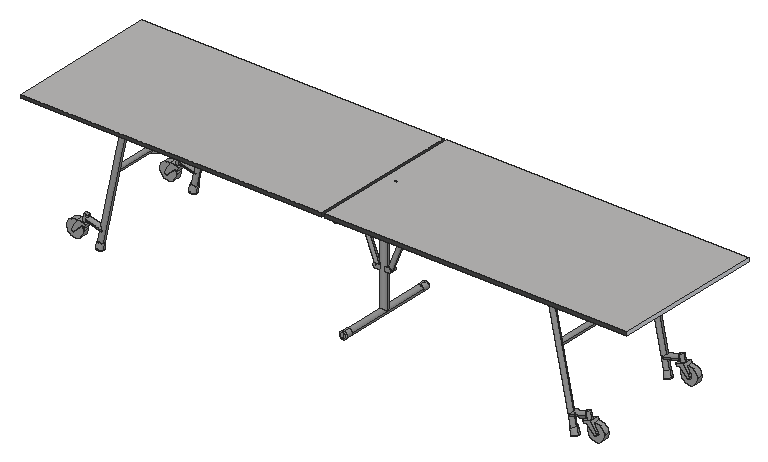
Revit family "23M Rect. 12 Long x 29 High", category Furniture, Revit 2016 (continued)
Automatic sketch dimensions
  Extrusion 54 sketch curve to Extrusion 54 sketch curve = 0' - 0.70096"
  Extrusion 55 sketch curve to plane 1 "Center Front/Back" = 1' - 1.83838"
  Extrusion 56 sketch curve to plane 1 "Center Front/Back" = 1' - 1.83838"
  Extrusion 57 sketch curve to plane 1 "Center Front/Back" = 1' - 1.83838"
  level to Extrusion 58 sketch curve = 0' - 2.60323"
  plane 3 "Center Left/Right" to Extrusion 58 sketch curve = 5' - 2.22836"
  level to Extrusion 58 sketch curve = 0' - 3.19045"
  Extrusion 58 sketch curve to Extrusion 58 sketch curve = 0' - 0.0982"
  level to Extrusion 58 sketch curve = 0' - 2.37748"
  Extrusion 58 sketch curve to Extrusion 58 sketch curve = 0' - 0.1639"
  Extrusion 58 sketch curve to Extrusion 58 sketch curve = 0' - 0.19297"
  level to Extrusion 58 sketch curve = 0' - 2.3319"
  Extrusion 58 sketch curve to Extrusion 58 sketch curve = 0' - 0.30329"
  level to Extrusion 58 sketch curve = 0' - 5.18826"
  Extrusion 58 sketch curve to Extrusion 58 sketch curve = 0' - 1.14473"
  level to Extrusion 58 sketch curve = 0' - 4.11073"
  Extrusion 58 sketch curve to Extrusion 58 sketch curve = 0' - 1.13066"
  level to Extrusion 58 sketch curve = 0' - 4.04579"
  Extrusion 58 sketch curve to Extrusion 58 sketch curve = 0' - 0.72713"
  level to Extrusion 58 sketch curve = 0' - 4.64752"
  level to Extrusion 59 sketch curve = 0' - 2.82768"
  plane 3 "Center Left/Right" to Extrusion 59 sketch curve = 5' - 1.83495"
  level to Revolve 60 sketch curve = 0' - 0.6058"
  plane 3 "Center Left/Right" to Revolve 60 sketch curve = 4' - 9.26502"
  level to Revolve 60 sketch curve = 0' - 0.39606"
  Revolve 60 sketch curve to Revolve 60 sketch curve = 0' - 0.08686"
  Revolve 60 sketch curve to Revolve 60 sketch curve = 0' - 0.15789"
  level to Revolve 60 sketch curve = 0' - 2.01534"
  Revolve 60 sketch curve to Revolve 60 sketch curve = 0' - 0.51303"
  level to Revolve 60 sketch curve = 0' - 0.23281"  (x2)
  Revolve 60 sketch curve to Revolve 60 sketch curve = 0' - 0.69699"
  Revolve 60 sketch curve to Revolve 60 sketch curve = 0' - 0"  (x2)
  level to Revolve 60 sketch curve = 0' - 1.86876"
  plane 1 "Center Front/Back" to Extrusion 61 sketch curve = 1' - 1.83838"
  plane 1 "Center Front/Back" to Extrusion 62 sketch curve = 1' - 1.83838"
  plane 1 "Center Front/Back" to Extrusion 63 sketch curve = 1' - 1.83838"
  level to Extrusion 64 sketch curve = 0' - 2.60323"
  plane 3 "Center Left/Right" to Extrusion 64 sketch curve = 5' - 2.22836"
  level to Extrusion 64 sketch curve = 0' - 3.19045"
  Extrusion 64 sketch curve to Extrusion 64 sketch curve = 0' - 0.0982"
  level to Extrusion 64 sketch curve = 0' - 2.37748"
  Extrusion 64 sketch curve to Extrusion 64 sketch curve = 0' - 0.1639"
  Extrusion 64 sketch curve to Extrusion 64 sketch curve = 0' - 0.19297"
  level to Extrusion 64 sketch curve = 0' - 2.3319"
  Extrusion 64 sketch curve to Extrusion 64 sketch curve = 0' - 0.30329"
  level to Extrusion 64 sketch curve = 0' - 5.18826"
  Extrusion 64 sketch curve to Extrusion 64 sketch curve = 0' - 1.14473"
  level to Extrusion 64 sketch curve = 0' - 4.11073"
  Extrusion 64 sketch curve to Extrusion 64 sketch curve = 0' - 1.13066"
  level to Extrusion 64 sketch curve = 0' - 4.04579"
  Extrusion 64 sketch curve to Extrusion 64 sketch curve = 0' - 0.72713"
  level to Extrusion 64 sketch curve = 0' - 4.64752"
  level to Extrusion 65 sketch curve = 0' - 2.82768"
  plane 3 "Center Left/Right" to Extrusion 65 sketch curve = 5' - 1.83495"
  level to Revolve 66 sketch curve = 0' - 0.6058"
  plane 3 "Center Left/Right" to Revolve 66 sketch curve = 4' - 9.26502"
  level to Revolve 66 sketch curve = 0' - 0.39606"
  Revolve 66 sketch curve to Revolve 66 sketch curve = 0' - 0.08686"
  Revolve 66 sketch curve to Revolve 66 sketch curve = 0' - 0.15789"
  level to Revolve 66 sketch curve = 0' - 2.01534"
  Revolve 66 sketch curve to Revolve 66 sketch curve = 0' - 0.51303"
  level to Revolve 66 sketch curve = 0' - 0.23281"  (x2)
  Revolve 66 sketch curve to Revolve 66 sketch curve = 0' - 0.69699"
  Revolve 66 sketch curve to Revolve 66 sketch curve = 0' - 0"  (x2)
  level to Revolve 66 sketch curve = 0' - 1.86876"
  level to Extrusion 67 sketch curve = 1' - 6.28283"
  plane 3 "Center Left/Right" to Extrusion 67 sketch curve = 4' - 4.57779"
  plane 1 "Center Front/Back" to Extrusion 68 sketch curve = 0' - 0"
  level to Extrusion 69 sketch curve = 1' - 6.8588"
  plane 3 "Center Left/Right" to Extrusion 69 sketch curve = 4' - 4.33514"
  level to Extrusion 69 sketch curve = 1' - 5.89155"
  Extrusion 69 sketch curve to Extrusion 69 sketch curve = 0' - 0.25918"
  level to Extrusion 69 sketch curve = 1' - 7.46174"
  Extrusion 69 sketch curve to Extrusion 69 sketch curve = 0' - 1.85497"
  Extrusion 69 sketch curve to Extrusion 69 sketch curve = 0' - 0.15456"  (x2)
  level to Extrusion 69 sketch curve = 1' - 6.51072"
  plane 3 "Center Left/Right" to Sweep 70 sketch curve = 2' - 6.18266"
  Sweep 70 sketch curve to Sweep 70 sketch curve = 0' - 0.48904"
  Sweep 70 sketch curve to Sweep 70 sketch curve = 0' - 0.28353"
  level to Sweep 70 sketch curve = 1' - 9.41399"
  Sweep 70 sketch curve to Sweep 70 sketch curve = 0' - 2.89882"
  level to Sweep 70 sketch curve = 1' - 6.77605"
  Sweep 70 sketch curve to Sweep 70 sketch curve = 1' - 8.77485"
  plane 3 "Center Left/Right" to Sweep 70 sketch curve = 0' - 0.02607"
  level to Sweep 70 sketch curve = 2' - 3.21707"
  Sweep 70 sketch curve to profile plane = 0' - 0"
  Sweep 70 sketch curve to profile plane = 0' - 0.00202"
  Extrusion 72 sketch curve to plane 1 "Center Front/Back" = 1' - 2.4397"
  plane 1 "Center Front/Back" to Extrusion 72 sketch curve = 1' - 2.4397"
  Extrusion 72 sketch curve to Extrusion 72 sketch curve = 0' - 10.00047"
  plane 1 "Center Front/Back" to Extrusion 72 sketch curve = 0' - 2.6994"
  Extrusion 72 sketch curve to Extrusion 72 sketch curve = 2' - 10 3/4"
  Extrusion 72 sketch curve to Extrusion 72 sketch curve = 0' - 0"  (x3)
  Extrusion 72 sketch curve to Extrusion 72 sketch curve = 0' - 10 1/4"  (x2)
  Extrusion 72 sketch curve to Extrusion 72 sketch curve = 0' - 0 1/8"  (x4)
  Extrusion 72 sketch curve to plane 1 "Center Front/Back" = 0' - 2.9406"
  plane 3 "Center Left/Right" to Extrusion 73 sketch curve = 0' - 0.69882"
  level to Extrusion 73 sketch curve = 6' - 3.59126"
  Extrusion 73 sketch curve to Extrusion 73 sketch curve = 0' - 0.53109"
  Extrusion 73 sketch curve to Extrusion 73 sketch curve = 0' - 1.2141"
  Extrusion 73 sketch curve to Extrusion 73 sketch curve = 0' - 1.37051"
  Extrusion 73 sketch curve to Extrusion 73 sketch curve = 0' - 0 5/16"  (x2)
  Extrusion 73 sketch curve to Extrusion 73 sketch curve = 0' - 0 1/4"
  Extrusion 73 sketch curve to Extrusion 73 sketch curve = 0' - 0.54127"
  Extrusion 73 sketch curve to Extrusion 73 sketch curve = 0' - 1.04904"
  Extrusion 73 sketch curve to Extrusion 73 sketch curve = 0' - 0.70096"
  plane 3 "Center Left/Right" to Extrusion 74 sketch curve = 0' - 0.69882"
  level to Extrusion 74 sketch curve = 6' - 3.59126"
  Extrusion 74 sketch curve to Extrusion 74 sketch curve = 0' - 0.53109"
  Extrusion 74 sketch curve to Extrusion 74 sketch curve = 0' - 1.2141"
  Extrusion 74 sketch curve to Extrusion 74 sketch curve = 0' - 1.37051"
  Extrusion 74 sketch curve to Extrusion 74 sketch curve = 0' - 0 5/16"  (x2)
  Extrusion 74 sketch curve to Extrusion 74 sketch curve = 0' - 0 1/4"
  Extrusion 74 sketch curve to Extrusion 74 sketch curve = 0' - 0.54127"
  Extrusion 74 sketch curve to Extrusion 74 sketch curve = 0' - 1.04904"
  Extrusion 74 sketch curve to Extrusion 74 sketch curve = 0' - 0.70096"
  plane 1 "Center Front/Back" to Extrusion 75 sketch curve = 0' - 0"
  Extrusion 76 sketch curve to plane 1 "Center Front/Back" = 1' - 1.83838"
  Extrusion 77 sketch curve to plane 1 "Center Front/Back" = 1' - 1.83838"
  Extrusion 78 sketch curve to plane 1 "Center Front/Back" = 1' - 1.83838"
  level to Extrusion 79 sketch curve = 0' - 1.51438"
  plane 3 "Center Left/Right" to Extrusion 79 sketch curve = 1' - 4.69884"
  Extrusion 79 sketch curve to Extrusion 79 sketch curve = 0' - 0.0982"
  Extrusion 79 sketch curve to Extrusion 79 sketch curve = 0' - 0.1639"
  Extrusion 79 sketch curve to Extrusion 79 sketch curve = 0' - 0.19297"
  Extrusion 79 sketch curve to Extrusion 79 sketch curve = 0' - 0.30329"
  Extrusion 79 sketch curve to Extrusion 79 sketch curve = 0' - 1.14473"
  Extrusion 79 sketch curve to Extrusion 79 sketch curve = 0' - 1.13066"
  Extrusion 79 sketch curve to Extrusion 79 sketch curve = 0' - 0.72713"
  Extrusion 79 sketch curve to Extrusion 79 sketch curve = 0' - 0.16116"
  Extrusion 79 sketch curve to Extrusion 79 sketch curve = 0' - 0.03227"
  Extrusion 79 sketch curve to Extrusion 79 sketch curve = 0' - 0.04557"
  Extrusion 79 sketch curve to Extrusion 79 sketch curve = 0' - 0.58722"
  Extrusion 79 sketch curve to Extrusion 79 sketch curve = 0' - 0.85534"
  Extrusion 79 sketch curve to Extrusion 79 sketch curve = 0' - 0.06493"
  Extrusion 79 sketch curve to Extrusion 79 sketch curve = 0' - 0.60173"
  level to Extrusion 80 sketch curve = 0' - 1.84492"
  plane 3 "Center Left/Right" to Extrusion 80 sketch curve = 1' - 4.38918"
  level to Revolve 81 sketch curve = 0' - 1.07035"
  plane 3 "Center Left/Right" to Revolve 81 sketch curve = 0' - 11.36712"
  Revolve 81 sketch curve to Revolve 81 sketch curve = 0' - 0.08686"
  Revolve 81 sketch curve to Revolve 81 sketch curve = 0' - 0.15789"
  Revolve 81 sketch curve to Revolve 81 sketch curve = 0' - 0.51303"
  Revolve 81 sketch curve to Revolve 81 sketch curve = 0' - 0.69699"
  Revolve 81 sketch curve to Revolve 81 sketch curve = 0' - 0.68958"
  Revolve 81 sketch curve to Revolve 81 sketch curve = 0' - 0.05747"
  Revolve 81 sketch curve to Revolve 81 sketch curve = 0' - 0.31552"
  Revolve 81 sketch curve to Revolve 81 sketch curve = 0' - 0"  (x4)
  plane 1 "Center Front/Back" to Extrusion 82 sketch curve = 1' - 1.83838"
  plane 1 "Center Front/Back" to Extrusion 83 sketch curve = 1' - 1.83838"
  plane 1 "Center Front/Back" to Extrusion 84 sketch curve = 1' - 1.83838"
  level to Extrusion 85 sketch curve = 0' - 1.51438"
  plane 3 "Center Left/Right" to Extrusion 85 sketch curve = 1' - 4.69884"
  Extrusion 85 sketch curve to Extrusion 85 sketch curve = 0' - 0.0982"
  Extrusion 85 sketch curve to Extrusion 85 sketch curve = 0' - 0.1639"
  Extrusion 85 sketch curve to Extrusion 85 sketch curve = 0' - 0.02907"
  Extrusion 85 sketch curve to Extrusion 85 sketch curve = 0' - 0.30329"
  Extrusion 85 sketch curve to Extrusion 85 sketch curve = 0' - 1.14473"
  Extrusion 85 sketch curve to Extrusion 85 sketch curve = 0' - 1.13066"
  Extrusion 85 sketch curve to Extrusion 85 sketch curve = 0' - 0.72713"
  Extrusion 85 sketch curve to Extrusion 85 sketch curve = 0' - 0.16116"
  Extrusion 85 sketch curve to Extrusion 85 sketch curve = 0' - 0.58722"
  Extrusion 85 sketch curve to Extrusion 85 sketch curve = 0' - 0.85534"
  Extrusion 85 sketch curve to Extrusion 85 sketch curve = 0' - 0.06493"
  Extrusion 85 sketch curve to Extrusion 85 sketch curve = 0' - 0.60173"
  Extrusion 85 sketch curve to Extrusion 85 sketch curve = 0' - 0.03227"
  Extrusion 85 sketch curve to Extrusion 85 sketch curve = 0' - 0.04557"
  level to Extrusion 86 sketch curve = 0' - 1.84492"
  plane 3 "Center Left/Right" to Extrusion 86 sketch curve = 1' - 4.38918"
  level to Revolve 87 sketch curve = 0' - 1.07035"
  plane 3 "Center Left/Right" to Revolve 87 sketch curve = 0' - 11.36712"
  Revolve 87 sketch curve to Revolve 87 sketch curve = 0' - 0.08686"
  Revolve 87 sketch curve to Revolve 87 sketch curve = 0' - 0.15789"
  Revolve 87 sketch curve to Revolve 87 sketch curve = 0' - 0.51303"
  Revolve 87 sketch curve to Revolve 87 sketch curve = 0' - 0.69699"
  Revolve 87 sketch curve to Revolve 87 sketch curve = 0' - 0.68958"
  Revolve 87 sketch curve to Revolve 87 sketch curve = 0' - 1.26296"
  Revolve 87 sketch curve to Revolve 87 sketch curve = 0' - 0.14658"
  Revolve 87 sketch curve to Revolve 87 sketch curve = 0' - 0"  (x4)
  plane 3 "Center Left/Right" to Extrusion 88 sketch curve = 1' - 0.1043"
  level to Extrusion 88 sketch curve = 1' - 7.34339"
  plane 3 "Center Left/Right" to Extrusion 89 sketch curve = 1' - 0.0424"
  level to Extrusion 89 sketch curve = 1' - 7.96532"
  Extrusion 89 sketch curve to Extrusion 89 sketch curve = 0' - 0.25918"
  Extrusion 89 sketch curve to Extrusion 89 sketch curve = 0' - 1.85497"
  Extrusion 89 sketch curve to Extrusion 89 sketch curve = 0' - 0.15456"  (x2)
  Extrusion 89 sketch curve to Extrusion 89 sketch curve = 0' - 0.34808"
  Extrusion 89 sketch curve to Extrusion 89 sketch curve = 0' - 0.96726"
  Extrusion 89 sketch curve to Extrusion 89 sketch curve = 0' - 0.47551"
  plane 3 "Center Left/Right" to Sweep 90 sketch curve = 0' - 7.6514"
  Sweep 90 sketch curve to Sweep 90 sketch curve = 0' - 0.10083"
  Sweep 90 sketch curve to Sweep 90 sketch curve = 0' - 2.87707"
  level to Sweep 90 sketch curve = 3' - 4.95103"
  Sweep 90 sketch curve to Sweep 90 sketch curve = 0' - 0.36347"
  plane 3 "Center Left/Right" to Sweep 90 sketch curve = 0' - 10.21647"
  Sweep 90 sketch curve to plane 3 "Center Left/Right" = 0' - 1.87006"
  level to Sweep 90 sketch curve = 1' - 8.29906"
  Sweep 90 sketch curve to Sweep 90 sketch curve = 2' - 7.88752"
  Sweep 90 sketch curve to profile plane = 0' - 0"
  profile plane to Sweep 90 sketch curve = 0' - 3.53405"
  Extrusion 1 sketch curve to plane 4 = 0' - 8.75012"
  Extrusion 1 sketch curve to plane 3 "Center Left/Right" = 0' - 0 3/8"
  Extrusion 26 sketch curve to Extrusion 26 sketch curve = 5' - 11 5/8"
  plane 3 "Center Left/Right" to Extrusion 51 sketch curve = 6' - 0"
  plane 3 "Center Left/Right" to Extrusion 51 sketch curve = 0' - 0 3/8"
  Extrusion 71 sketch curve to Extrusion 71 sketch curve = 5' - 11 5/8"
  radius of Extrusion 5 sketch curve = 0' - 0 5/8"
  radius of Extrusion 6 sketch curve = 0' - 0 1/2"
  radius of Extrusion 7 sketch curve = 0' - 0 5/8"
  radius of Extrusion 9 sketch curve = 0' - 2"
  radius of Extrusion 11 sketch curve = 0' - 0 5/8"
  radius of Extrusion 12 sketch curve = 0' - 0 1/2"
  radius of Extrusion 13 sketch curve = 0' - 0 5/8"
  radius of Extrusion 15 sketch curve = 0' - 2"
  radius of Extrusion 17 sketch curve = 0' - 0 5/8"
  radius of Extrusion 18 sketch curve = 0' - 0 3/4"
  radius of Extrusion 21 sketch curve = 0' - 0 3/4"
  radius of Extrusion 22 sketch curve = 0' - 0 1/2"
  radius of Sweep 25 sketch curve = 0' - 0 1/2"
  radius of Extrusion 30 sketch curve = 0' - 0 3/4"
  radius of Extrusion 33 sketch curve = 0' - 0 1/2"
  radius of Extrusion 35 sketch curve = 0' - 0 3/4"
  radius of Extrusion 36 sketch curve = 0' - 0 5/8"
  radius of Extrusion 37 sketch curve = 0' - 0 1/2"
  radius of Extrusion 38 sketch curve = 0' - 0 5/8"
  radius of Extrusion 40 sketch curve = 0' - 2"
  radius of Extrusion 42 sketch curve = 0' - 0 5/8"
  radius of Extrusion 43 sketch curve = 0' - 0 1/2"
  radius of Extrusion 44 sketch curve = 0' - 0 5/8"
  radius of Extrusion 46 sketch curve = 0' - 2"
  radius of Extrusion 48 sketch curve = 0' - 0 5/8"
  radius of Sweep 50 sketch curve = 0' - 0 1/2"
  radius of Extrusion 55 sketch curve = 0' - 0 5/8"
  radius of Extrusion 56 sketch curve = 0' - 0 1/2"
  radius of Extrusion 57 sketch curve = 0' - 0 5/8"
  radius of Extrusion 59 sketch curve = 0' - 2"
  radius of Extrusion 61 sketch curve = 0' - 0 5/8"
  radius of Extrusion 62 sketch curve = 0' - 0 1/2"
  radius of Extrusion 63 sketch curve = 0' - 0 5/8"
  radius of Extrusion 65 sketch curve = 0' - 2"
  radius of Extrusion 67 sketch curve = 0' - 0 5/8"
  radius of Extrusion 68 sketch curve = 0' - 0 1/2"
  radius of Sweep 70 sketch curve = 0' - 0 1/2"
  radius of Extrusion 75 sketch curve = 0' - 0 1/2"
  radius of Extrusion 76 sketch curve = 0' - 0 5/8"
  radius of Extrusion 77 sketch curve = 0' - 0 1/2"
  radius of Extrusion 78 sketch curve = 0' - 0 5/8"
  radius of Extrusion 80 sketch curve = 0' - 2"
  radius of Extrusion 82 sketch curve = 0' - 0 5/8"
  radius of Extrusion 83 sketch curve = 0' - 0 1/2"
  radius of Extrusion 84 sketch curve = 0' - 0 5/8"
  radius of Extrusion 86 sketch curve = 0' - 2"
  radius of Extrusion 88 sketch curve = 0' - 0 5/8"
  radius of Sweep 90 sketch curve = 0' - 0 1/2"
Types (3): name | Width | Model
  (no name) | 3' - 0" | "23M15293612"
  23M15293012 | 2' - 6" | "23M15293012"
  23M15293612 | 3' - 0" | "23M15293612"
